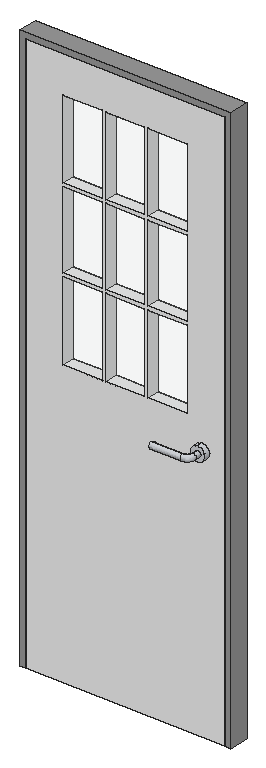
Revit family "- Acero Sinfonia 9 Luces Prueba", category Doors, host Wall, Revit 2018
Family settings
  Host = Wall
  OmniClass Number = 23.30.10.00
  OmniClass Title = Doors
  Always vertical = Yes
  Cut with Voids When Loaded = No
  Shared = No
  Room Calculation Point = No
Parameters (values of type "- 70 x 200 cm")
  Set de Marcos = ""
  Relleno = ""
  Material Marco = - Perfil Aluminio
  Material Hoja = - Acero
  Manilla = - Manilla
  Hojas = "Simple de Abatir"
  Function = Interior
  Frame Projection Ext. = 2.50 cm
  Frame Projection Int. = 2.50 cm
  Frame Width = 7.50 cm
  Height = 200.00 cm
  Wall Closure = By host
  Width = 74.00 cm
  Distancia a Cara Interior = 6.00 cm
  Bisagras = ""
  Ancho Hoja = Width - 4.00 cm  # 70.00 cm
  Ancho = Width  # 74.00 cm
  Analytic Construction = "<None>"
  Alto = Height  # 200.00 cm
Types (12, lengths in cm): name | Height | Width | Ancho Hoja | Ancho | Alto
  - 70 x 200 cm | 200.00 | 74.00 | 70.00 | 74.00 | 200.00
  - 75 x 200 cm | 200.00 | 79.00 | 75.00 | 79.00 | 200.00
  - 80 x 200 cm | 200.00 | 84.00 | 80.00 | 84.00 | 200.00
  - 85 x 200 cm | 200.00 | 89.00 | 85.00 | 89.00 | 200.00
  - 90 x 200 cm | 200.00 | 94.00 | 90.00 | 94.00 | 200.00
  -100 x 200 cm | 200.00 | 104.00 | 100.00 | 104.00 | 200.00
  - 70 x 210 cm | 210.00 | 74.00 | 70.00 | 74.00 | 210.00
  - 75 x 210 cm | 210.00 | 79.00 | 75.00 | 79.00 | 210.00
  - 80 x 210 cm | 210.00 | 84.00 | 80.00 | 84.00 | 210.00
  - 85 x 210 cm | 210.00 | 89.00 | 85.00 | 89.00 | 210.00
  - 90 x 210 cm | 210.00 | 94.00 | 90.00 | 94.00 | 210.00
  - 100 x 210 cm | 210.00 | 104.00 | 100.00 | 104.00 | 210.00
Reference planes (cm)
  plane 1: y = 0
  plane 2 "Center (Left/Right)": x = 0
  plane 3 "Left": x = -37
  plane 4 "Right": x = 37
  plane 5: z = 200
  plane 6 "Exterior": y = 7.5
  plane 7 "Interior": y = -7.5
  plane 8: y = -1.5
  plane 9: z = 198
  plane 10: x = -35
  plane 11: x = 35
  plane 12: z = 185
  plane 13: z = 100
  plane 14: x = 22
  plane 15: x = -22
  plane 16: z = 156.6667
  plane 17: z = 128.3333
  plane 18: x = 7.3333
  plane 19: x = -7.3333
Forms (cm)
  Sweep 1, solid, material "- Perfil Aluminio" <- "Material Marco"
    path origin (0, 7.5, 0) x (1, 0, 0) y (0, 0, 1)
      loop
        line (37, 0) -> (37, 200) -> (-37, 200) -> (-37, 0)
    profile origin (37, 7.5, 100) x (-1, 0, 0) y (0, -1, 0)
      loop
        line (0, 2) -> (3, 2) -> (3, 4.3) -> (2, 4.3) -> (2, 9) -> (0, 9) -> (0, 2)
  Extrusion 2, solid, material "- Acero" <- "Material Hoja"
    sketch origin (0, 0, 0) x (1, 0, 0) y (0, 1, 0)
      loop
        line (-35, -1.5) -> (35, -1.5) -> (35, 3) -> (-35, 3) -> (-35, -1.5)
    from 0 to 198
  Sweep 3, solid, material "- Manilla" <- "Manilla", not visible
    path origin (5.8483, -7.5601, 0) x (1, 0, 0) y (0, 1, 0)
      loop
        line (22.1517, 15.0613) -> (32.1517, 15.0613)
        arc (32.1517, 15.0613) -> (33.5659, 14.4756) -> (34.1517, 13.0613) r 2
        line (34.1517, 13.0613) -> (34.1517, 11.0613)
    profile origin (33, 7.5012, 0) x (0, 1, 0) y (0, 0, 1)
      loop
        circle (0, 90) r 1
  Extrusion 4, solid, material "- Manilla" <- "Manilla", not visible
    sketch origin (0, 7.5, 0) x (1, 0, 0) y (0, 0, 1)
      loop
        circle (40, 90) r 2.5
    from 3.9988 to 5
  Extrusion 5, void
    sketch origin (0, 7.5, 0) x (1, 0, 0) y (0, 0, 1)
      loop
        line (22, 185) -> (7.8333, 185) -> (7.8333, 157.1667) -> (22, 157.1667) -> (22, 185)
      loop
        line (6.8333, 185) -> (-6.8333, 185) -> (-6.8333, 157.1667) -> (6.8333, 157.1667) -> (6.8333, 185)
      loop
        line (-7.8333, 185) -> (-22, 185) -> (-22, 157.1667) -> (-7.8333, 157.1667) -> (-7.8333, 185)
      loop
        line (22, 156.1667) -> (7.8333, 156.1667) -> (7.8333, 128.8333) -> (22, 128.8333) -> (22, 156.1667)
      loop
        line (6.8333, 156.1667) -> (-6.8333, 156.1667) -> (-6.8333, 128.8333) -> (6.8333, 128.8333) -> (6.8333, 156.1667)
      loop
        line (-7.8333, 156.1667) -> (-22, 156.1667) -> (-22, 128.8333) -> (-7.8333, 128.8333) -> (-7.8333, 156.1667)
      loop
        line (22, 127.8333) -> (7.8333, 127.8333) -> (7.8333, 100) -> (22, 100) -> (22, 127.8333)
      loop
        line (6.8333, 127.8333) -> (-6.8333, 127.8333) -> (-6.8333, 100) -> (6.8333, 100) -> (6.8333, 127.8333)
      loop
        line (-7.8333, 127.8333) -> (-22, 127.8333) -> (-22, 100) -> (-7.8333, 100) -> (-7.8333, 127.8333)
    from 0 to 25
  Extrusion 6, solid, material "Glass"
    sketch origin (0, 7.5, 0) x (1, 0, 0) y (0, 0, 1)
      loop
        line (22, 157.1667) -> (22, 185) -> (7.8333, 185) -> (7.8333, 157.1667) -> (22, 157.1667)
      loop
        line (6.8333, 157.1667) -> (6.8333, 185) -> (-6.8333, 185) -> (-6.8333, 157.1667) -> (6.8333, 157.1667)
      loop
        line (-7.8333, 157.1667) -> (-7.8333, 185) -> (-22, 185) -> (-22, 157.1667) -> (-7.8333, 157.1667)
      loop
        line (22, 128.8333) -> (22, 156.1667) -> (7.8333, 156.1667) -> (7.8333, 128.8333) -> (22, 128.8333)
      loop
        line (6.8333, 128.8333) -> (6.8333, 156.1667) -> (-6.8333, 156.1667) -> (-6.8333, 128.8333) -> (6.8333, 128.8333)
      loop
        line (-7.8333, 128.8333) -> (-7.8333, 156.1667) -> (-22, 156.1667) -> (-22, 128.8333) -> (-7.8333, 128.8333)
      loop
        line (22, 100) -> (22, 127.8333) -> (7.8333, 127.8333) -> (7.8333, 100) -> (22, 100)
      loop
        line (6.8333, 100) -> (6.8333, 127.8333) -> (-6.8333, 127.8333) -> (-6.8333, 100) -> (6.8333, 100)
      loop
        line (-7.8333, 100) -> (-7.8333, 127.8333) -> (-22, 127.8333) -> (-22, 100) -> (-7.8333, 100)
    from 4.5 to 9
Cuts and joins
  Extrusion 5 cuts Extrusion 2
Lines and regions (cm)
  Opening 1
    outline origin (-305, -7.5, 0) x (1, 0, 0) y (0, 0, 1)
      loop
        line (268, 0) -> (342, 0) -> (342, 200) -> (268, 200) -> (268, 0)
  symbolic lines, style "Elevation Swing"
    curve 1: line (37, -7.5, 100) -> (-37, -7.5, 200)
    curve 2: line (37, -7.5, 100) -> (-37, -7.5, 0)
    curve 7: arc (-30.5, -71.5, 0) -> (16.4246, -49.6941, 0) -> (35.2596, -1.5001, 0) r 69.4706
  symbolic lines
    curve 3: line (-35, -1.5, 0) -> (-35, -71.5, 0)
    curve 4: line (-30.5, -1.5, 0) -> (-35, -1.5, 0)
    curve 5: line (-30.5, -71.5, 0) -> (-30.5, -1.5, 0)
    curve 6: line (-35, -71.5, 0) -> (-30.5, -71.5, 0)
  model lines, not visible
    curve 8: line (-20, 3, 25) -> (20, 3, 25)
    curve 9: line (-20, 3, 65) -> (-20, 3, 25)
    curve 10: line (20, 3, 65) -> (8.6603, 3, 65)
    curve 11: line (20, 3, 25) -> (20, 3, 65)
    curve 12: line (-20, 3, 75) -> (-8.6603, 3, 75)
    curve 13: line (-20, 3, 75) -> (-20, 3, 169.9666)
    curve 14: line (20, 3, 75) -> (20, 3, 169.9666)
    curve 15: arc (-8.6603, 3, 65) -> (0, 3, 60) -> (8.6603, 3, 65) r 10
    curve 16: line (8.6603, 3, 75) -> (20, 3, 75)
    curve 17: line (-8.6603, 3, 65) -> (-20, 3, 65)
    curve 18: arc (8.6603, 3, 75) -> (0, 3, 80) -> (-8.6603, 3, 75) r 10
    curve 19: arc (14.9666, 3, 175) -> (0, 3, 183) -> (-14.9666, 3, 175) r 18
    curve 20: arc (-20, 3, 169.9666) -> (-16.4409, 3, 171.4409) -> (-14.9666, 3, 175) r 5.0334
    curve 21: arc (14.9666, 3, 175) -> (16.4409, 3, 171.4409) -> (20, 3, 169.9666) r 5.0334
    curve 22: line (-9.2195, 3, 64) -> (-19, 3, 64)
    curve 23: line (-19, 3, 64) -> (-19, 3, 26)
    curve 24: arc (9.2195, 3, 64) -> (0, 3, 59) -> (-9.2195, 3, 64) r 11
    curve 25: line (19, 3, 64) -> (9.2195, 3, 64)
    curve 26: line (19, 3, 26) -> (19, 3, 64)
    curve 27: line (-19, 3, 26) -> (19, 3, 26)
    curve 28: line (-18.9928, 3, 168.9932) -> (-18.9928, 3, 76)
    curve 29: arc (-13.9941, 3, 174.9045) -> (-15.4113, 3, 171.0338) -> (-18.9928, 3, 168.9932) r 5.9946
    curve 30: arc (13.9971, 3, 174.7848) -> (0.0327, 3, 182.1538) -> (-13.9941, 3, 174.9045) r 17.0542
    curve 31: arc (19, 3, 169.1276) -> (15.4988, 3, 171.072) -> (13.9971, 3, 174.7848) r 6.0089
    curve 32: line (19, 3, 76) -> (19, 3, 169.1276)
    curve 33: line (9.2195, 3, 76) -> (19, 3, 76)
    curve 34: arc (-9.2195, 3, 76) -> (0, 3, 81) -> (9.2195, 3, 76) r 11
    curve 35: line (-18.9928, 3, 76) -> (-9.2195, 3, 76)
    curve 36: arc (12.052, 3, 174.0667) -> (0.0498, 3, 180.1537) -> (-12.0243, 3, 174.2107) r 15.0542
    curve 37: arc (-12.0243, 3, 174.2107) -> (-13.561, 3, 170.1508) -> (-16.9928, 3, 167.4925) r 7.9946
    curve 38: line (-16.9928, 3, 167.4925) -> (-16.9928, 3, 78)
    curve 39: line (17, 3, 78) -> (17, 3, 167.6269)
    curve 40: arc (17, 3, 167.6269) -> (13.6492, 3, 170.1731) -> (12.052, 3, 174.0667) r 8.0089
    curve 41: line (-16.9928, 3, 78) -> (-10.247, 3, 78)
    curve 42: arc (-10.247, 3, 78) -> (0, 3, 83) -> (10.247, 3, 78) r 13
    curve 43: line (10.247, 3, 78) -> (17, 3, 78)
    curve 44: line (-10.247, 3, 62) -> (-17, 3, 62)
    curve 45: arc (10.247, 3, 62) -> (0, 3, 57) -> (-10.247, 3, 62) r 13
    curve 46: line (17, 3, 62) -> (10.247, 3, 62)
    curve 47: line (17, 3, 28) -> (17, 3, 62)
    curve 48: line (-17, 3, 28) -> (17, 3, 28)
    curve 49: line (-17, 3, 62) -> (-17, 3, 28)
    curve 50: line (-314, -1.5, 25) -> (-274, -1.5, 25)
    curve 51: line (-314, -1.5, 65) -> (-314, -1.5, 25)
    curve 52: line (-274, -1.5, 25) -> (-274, -1.5, 65)
    curve 53: line (-314, -1.5, 70) -> (-274, -1.5, 70)
    curve 54: line (-314, -1.5, 70) -> (-314, -1.5, 87)
    curve 55: line (-274, -1.5, 70) -> (-274, -1.5, 87)
    curve 56: line (-274, -1.5, 65) -> (-314, -1.5, 65)
    curve 57: line (-275, -1.5, 64) -> (-313, -1.5, 64)
    curve 58: line (-313, -1.5, 64) -> (-313, -1.5, 26)
    curve 59: line (-275, -1.5, 26) -> (-275, -1.5, 64)
    curve 60: line (-313, -1.5, 26) -> (-275, -1.5, 26)
    curve 61: line (-312.9928, -1.5, 86) -> (-312.9928, -1.5, 71)
    curve 62: line (-275, -1.5, 71) -> (-275, -1.5, 86)
    curve 63: line (-312.9928, -1.5, 71) -> (-275, -1.5, 71)
    curve 64: line (-310.9928, -1.5, 84) -> (-310.9928, -1.5, 73)
    curve 65: line (-277, -1.5, 73) -> (-277, -1.5, 84)
    curve 66: line (-310.9928, -1.5, 73) -> (-277, -1.5, 73)
    curve 67: line (-277, -1.5, 62) -> (-311, -1.5, 62)
    curve 68: line (-277, -1.5, 28) -> (-277, -1.5, 62)
    curve 69: line (-311, -1.5, 28) -> (-277, -1.5, 28)
    curve 70: line (-311, -1.5, 62) -> (-311, -1.5, 28)
    curve 71: line (-310.9928, -1.5, 84) -> (-277, -1.5, 84)
    curve 72: line (-314, -1.5, 87) -> (-274, -1.5, 87)
    curve 73: line (-312.9928, -1.5, 86) -> (-275, -1.5, 86)
    curve 74: line (-310.9928, -1.5, 84) -> (-277, -1.5, 84)
    curve 75: line (-314, -1.5, 97) -> (-274, -1.5, 97)
    curve 76: line (-314, -1.5, 185) -> (-314, -1.5, 97)
    curve 77: line (-274, -1.5, 97) -> (-274, -1.5, 185)
    curve 78: line (-274, -1.5, 185) -> (-314, -1.5, 185)
    curve 79: line (-275, -1.5, 184) -> (-313, -1.5, 184)
    curve 80: line (-313, -1.5, 184) -> (-313, -1.5, 98)
    curve 81: line (-275, -1.5, 98) -> (-275, -1.5, 184)
    curve 82: line (-313, -1.5, 98) -> (-275, -1.5, 98)
    curve 83: line (-277, -1.5, 182) -> (-311, -1.5, 182)
    curve 84: line (-277, -1.5, 100) -> (-277, -1.5, 182)
    curve 85: line (-311, -1.5, 100) -> (-277, -1.5, 100)
    curve 86: line (-311, -1.5, 182) -> (-311, -1.5, 100)
    curve 87: line (-320, 3, 25) -> (-280, 3, 25)
    curve 88: line (-320, 3, 65) -> (-320, 3, 25)
    curve 89: line (-280, 3, 25) -> (-280, 3, 65)
    curve 90: line (-320, 3, 72.5) -> (-280, 3, 72.5)
    curve 91: line (-280, 3, 65) -> (-320, 3, 65)
    curve 92: line (-281, 3, 64) -> (-319, 3, 64)
    curve 93: line (-319, 3, 64) -> (-319, 3, 26)
    curve 94: line (-281, 3, 26) -> (-281, 3, 64)
    curve 95: line (-319, 3, 26) -> (-281, 3, 26)
    curve 96: line (-319, 3, 73.5) -> (-281, 3, 73.5)
    curve 97: line (-317, 3, 75.5) -> (-283, 3, 75.5)
    curve 98: line (-283, 3, 62) -> (-317, 3, 62)
    curve 99: line (-283, 3, 28) -> (-283, 3, 62)
    curve 100: line (-317, 3, 28) -> (-283, 3, 28)
    curve 101: line (-317, 3, 62) -> (-317, 3, 28)
    curve 102: line (-320, 3, 179.3431) -> (-320, 3, 72.5)
    curve 103: line (-280, 3, 72.5) -> (-280, 3, 179.3431)
    curve 104: line (-319, 3, 178.3431) -> (-319, 3, 73.5)
    curve 105: line (-281, 3, 73.5) -> (-281, 3, 178.3431)
    curve 106: line (-283, 3, 75.5) -> (-283, 3, 176.3431)
    curve 107: line (-317, 3, 176.3431) -> (-317, 3, 75.5)
    curve 108: arc (-292, 3, 181) -> (-300, 3, 185) -> (-308, 3, 181) r 10
    curve 109: arc (-292, 3, 181) -> (-290.1648, 3, 179.7737) -> (-288, 3, 179.3431) r 5.6569
    curve 110: arc (-308, 3, 181) -> (-309.8352, 3, 179.7737) -> (-312, 3, 179.3431) r 5.6569
    curve 111: line (-288, 3, 179.3431) -> (-280, 3, 179.3431)
    curve 112: line (-312, 3, 179.3431) -> (-320, 3, 179.3431)
    curve 113: line (-281, 3, 178.3431) -> (-288, 3, 178.3431)
    curve 114: arc (-288, 3, 178.3431) -> (-290.5825, 3, 178.8645) -> (-292.7604, 3, 180.3468) r 6.6569
    curve 115: arc (-292.7604, 3, 180.3468) -> (-300, 3, 184) -> (-307.2396, 3, 180.3468) r 9
    curve 116: arc (-307.2396, 3, 180.3468) -> (-309.4175, 3, 178.8645) -> (-312, 3, 178.3431) r 6.6569
    curve 117: line (-312, 3, 178.3431) -> (-319, 3, 178.3431)
    curve 118: line (-283, 3, 176.3431) -> (-288, 3, 176.3431)
    curve 119: arc (-288, 3, 176.3431) -> (-291.43, 3, 177.0516) -> (-294.2985, 3, 179.0611) r 8.6569
    curve 120: arc (-294.2985, 3, 179.0611) -> (-300, 3, 182) -> (-305.7015, 3, 179.0611) r 7
    curve 121: arc (-305.7015, 3, 179.0611) -> (-308.57, 3, 177.0516) -> (-312, 3, 176.3431) r 8.6569
    curve 122: line (-312, 3, 176.3431) -> (-317, 3, 176.3431)
    curve 123: line (302, -1.5, 25) -> (342, -1.5, 25)
    curve 124: line (302, -1.5, 65) -> (302, -1.5, 25)
    curve 125: line (342, -1.5, 25) -> (342, -1.5, 65)
    curve 126: line (302, -1.5, 77.5) -> (342, -1.5, 77.5)
    curve 127: line (342, -1.5, 65) -> (302, -1.5, 65)
    curve 128: line (341, -1.5, 64) -> (303, -1.5, 64)
    curve 129: line (303, -1.5, 64) -> (303, -1.5, 26)
    curve 130: line (341, -1.5, 26) -> (341, -1.5, 64)
    curve 131: line (303, -1.5, 26) -> (341, -1.5, 26)
    curve 132: line (303, -1.5, 78.5) -> (341, -1.5, 78.5)
    curve 133: line (304.9998, -1.5, 80.5) -> (339.0011, -1.5, 80.5)
    curve 134: line (339, -1.5, 62) -> (305, -1.5, 62)
    curve 135: line (339, -1.5, 28) -> (339, -1.5, 62)
    curve 136: line (305, -1.5, 28) -> (339, -1.5, 28)
    curve 137: line (305, -1.5, 62) -> (305, -1.5, 28)
    curve 138: line (302, -1.5, 185) -> (302, -1.5, 77.5)
    curve 139: line (342, -1.5, 77.5) -> (342, -1.5, 185)
    curve 140: line (303, -1.5, 184) -> (303, -1.5, 78.5)
    curve 141: line (341, -1.5, 78.5) -> (341, -1.5, 184)
    curve 142: line (339.0011, -1.5, 80.5) -> (339.0011, -1.5, 182)
    curve 143: line (304.9998, -1.5, 182) -> (304.9998, -1.5, 80.5)
    curve 144: line (306, 3, 25) -> (346, 3, 25)
    curve 145: line (306, 3, 65) -> (306, 3, 25)
    curve 146: line (346, 3, 25) -> (346, 3, 65)
    curve 147: line (306, 3, 77.5) -> (346, 3, 77.5)
    curve 148: line (346, 3, 65) -> (306, 3, 65)
    curve 149: line (345, 3, 64) -> (307, 3, 64)
    curve 150: line (307, 3, 64) -> (307, 3, 26)
    curve 151: line (345, 3, 26) -> (345, 3, 64)
    curve 152: line (307, 3, 26) -> (345, 3, 26)
    curve 153: line (307, 3, 78.5) -> (345, 3, 78.5)
    curve 154: line (308.9998, 3, 80.5) -> (343.0011, 3, 80.5)
    curve 155: line (343, 3, 62) -> (309, 3, 62)
    curve 156: line (343, 3, 28) -> (343, 3, 62)
    curve 157: line (309, 3, 28) -> (343, 3, 28)
    curve 158: line (309, 3, 62) -> (309, 3, 28)
    curve 159: line (306, 3, 185) -> (306, 3, 77.5)
    curve 160: line (346, 3, 77.5) -> (346, 3, 185)
    curve 161: line (307, 3, 184) -> (307, 3, 78.5)
    curve 162: line (345, 3, 78.5) -> (345, 3, 184)
    curve 163: line (343.0011, 3, 80.5) -> (343.0011, 3, 182)
    curve 164: line (308.9998, 3, 182) -> (308.9998, 3, 80.5)
    curve 165: line (346, 3, 185) -> (306, 3, 185)
    curve 166: line (345, 3, 184) -> (307, 3, 184)
    curve 167: line (343.0011, 3, 182) -> (308.9998, 3, 182)
    curve 168: line (302, -1.5, 185) -> (342, -1.5, 185)
    curve 169: line (341, -1.5, 184) -> (303, -1.5, 184)
    curve 170: line (339.0011, -1.5, 182) -> (304.9998, -1.5, 182)
  model lines
    curve 171: line (22, 3, 75) -> (7.3333, 3, 75)
    curve 172: line (22, 3, 15) -> (22, 3, 75)
    curve 173: line (7.3333, 3, 15) -> (22, 3, 15)
    curve 174: line (7.3333, 3, 75) -> (7.3333, 3, 15)
    curve 175: line (-7.3333, 3, 75) -> (-22, 3, 75)
    curve 176: line (-7.3333, 3, 15) -> (-7.3333, 3, 75)
    curve 177: line (-22, 3, 15) -> (-7.3333, 3, 15)
    curve 178: line (-22, 3, 75) -> (-22, 3, 15)
    curve 179: line (-22, -1.5, 75) -> (-7.3333, -1.5, 75)
    curve 180: line (-22, -1.5, 15) -> (-22, -1.5, 75)
    curve 181: line (-7.3333, -1.5, 15) -> (-22, -1.5, 15)
    curve 182: line (-7.3333, -1.5, 75) -> (-7.3333, -1.5, 15)
    curve 183: line (7.3333, -1.5, 75) -> (22, -1.5, 75)
    curve 184: line (7.3333, -1.5, 15) -> (7.3333, -1.5, 75)
    curve 185: line (22, -1.5, 15) -> (7.3333, -1.5, 15)
    curve 186: line (22, -1.5, 75) -> (22, -1.5, 15)
Text (cm)
  text "Exterior" at (-229.5016, 109.9543, 0), in view "Ref. Level"
  text "Exterior" at (0, 161.538, 369.8081), in view "Left"
  text "Exterior" at (0, 103.6032, 387.4932), in view "Right"
Dimensions and locks (cm)
  equal spacing: plane 3 "Left", plane 2 "Center (Left/Right)", plane 4 "Right"
  "Width": plane 3 "Left" to plane 4 "Right"
  "Height": plane 5 to host wall
  equal spacing: host wall, curve 2, plane 5
  host wall to plane 5 = 200.00 cm
  locked: plane 6 "Exterior" to host wall at 0
  locked: plane 7 "Interior" to host wall
  "Distancia a Cara Interior": plane 7 "Interior" to plane 8
  locked: Sweep 1 sketch curve to Sweep 1 sketch curve at 7
  locked: plane 9 to plane 5 at 2
  locked: curve 3 to curve 5 at 4.5
  locked: plane 3 "Left" to plane 10 at 2
  locked: plane 11 to plane 4 "Right" at 2
  "Ancho Hoja": curve 6 to curve 4
  locked: Extrusion 2 sketch curve to Extrusion 2 sketch curve at 4.5
  locked: nested 1 to plane 4 "Right" at 10
  level to nested 1 = 90.00 cm
  locked: nested 2 to plane 4 "Right" at 10
  locked: nested 2 to level at 90
  locked: Sweep 1 sketch curve to Sweep 1 sketch curve at 2.3
  locked: cut or joined group of Extrusion 2, Extrusion 5 to curve 177 at 15
  locked: cut or joined group of Extrusion 2, Extrusion 5 to curve 173 at 15
  locked: cut or joined group of Extrusion 2, Extrusion 5 to curve 175 at 75
  locked: cut or joined group of Extrusion 2, Extrusion 5 to curve 171 at 75
  locked: curve 181 to cut or joined group of Extrusion 2, Extrusion 5 at 15
  locked: curve 185 to level at 15
  locked: curve 183 to level at 75
  locked: curve 179 to cut or joined group of Extrusion 2, Extrusion 5 at 75
  locked: plane 12 to plane 5 at 15
  locked: level to plane 13 at 100
  locked: plane 14 to plane 4 "Right" at 15
  locked: plane 3 "Left" to plane 15 at 15
  equal spacing: plane 13, plane 17, plane 16, plane 12
  equal spacing: plane 15, plane 19, plane 18, plane 14
  locked: Extrusion 5 sketch curve to plane 18 at 0.5  (x2)
  locked: plane 19 to Extrusion 5 sketch curve at 0.5
  locked: Extrusion 5 sketch curve to plane 19 at 0.5
  locked: plane 16 to Extrusion 5 sketch curve at 0.5  (x3)
  locked: Extrusion 5 sketch curve to plane 16 at 0.5  (x3)
  locked: plane 17 to Extrusion 5 sketch curve at 0.5
  Extrusion 5 sketch curve to plane 17 = 0.50 cm
  aligned and locked: plane 3 "Left" to Opening 1 sketch curve
  aligned and locked: plane 5 to Opening 1 sketch curve  (x2)
  aligned and locked: Opening 1 sketch curve to plane 4 "Right"
  aligned and locked: Opening 1 sketch curve to level
  aligned and locked: plane 5 to curve 1
  aligned and locked: plane 3 "Left" to curve 2
  aligned and locked: plane 1 to host wall
  aligned and locked: plane 3 "Left" to curve 1
  aligned and locked: plane 8 to Sweep 1 sketch curve
  aligned and locked: Extrusion 2 sketch curve to plane 8
  aligned and locked: Sweep 1 to level
  aligned and locked: plane 10 to curve 3
  aligned and locked: Sweep 3 to Extrusion 4
  aligned and locked: Extrusion 2 to plane 9
  aligned and locked: plane 14 to Extrusion 5 sketch curve  (x3)
  aligned and locked: Extrusion 5 sketch curve to plane 12  (x3)
  aligned and locked: Extrusion 5 sketch curve to plane 15  (x3)
  aligned and locked: plane 13 to Extrusion 5 sketch curve  (x3)
  aligned and locked: Extrusion 5 sketch curve to Extrusion 5 sketch curve  (x12)
  aligned and locked: curve 172 to plane 14
  aligned and locked: plane 18 to curve 174
  aligned and locked: curve 176 to plane 19
  aligned and locked: plane 15 to curve 178
  aligned and locked: curve 180 to plane 15
  aligned and locked: plane 19 to curve 182
  aligned and locked: curve 184 to plane 18
  aligned and locked: plane 14 to curve 186
  aligned and locked: Extrusion 6 sketch curve to cut or joined group of Extrusion 2, Extrusion 5  (x36)
  aligned and locked: cut or joined group of Extrusion 2, Extrusion 5 to Extrusion 6
  aligned and locked: Extrusion 6 to plane 8
Automatic sketch dimensions
  plane 4 "Right" to curve 2 = 0.00 cm
  curve 2 to level = 0.00 cm
  plane 3 "Left" to Sweep 1 sketch curve = 0.00 cm
  plane 4 "Right" to Sweep 1 sketch curve = 0.00 cm
  Sweep 1 sketch curve to level = 0.00 cm  (x2)
  Sweep 1 sketch curve to plane 5 = 0.00 cm
  Sweep 1 sketch curve to profile plane = 0.00 cm
  Sweep 1 sketch curve to profile plane = 2.00 cm
  Sweep 1 sketch curve to Sweep 1 sketch curve = 1.00 cm
  curve 7 to plane 8 = 0.0001 cm
  curve 7 to plane 11 = 0.2596 cm
  curve 4 to plane 8 = 0.00 cm
  curve 7 to plane 10 = 0.7919 cm
  Sweep 3 sketch curve to Sweep 3 sketch curve = 10.00 cm
  Sweep 3 sketch curve to Sweep 3 sketch curve = 2.00 cm  (x2)
  Sweep 3 sketch curve to profile plane = 0.00 cm
  profile plane to Sweep 3 sketch curve = 90.00 cm
  Extrusion 2 sketch curve to plane 10 = 0.00 cm
  Extrusion 2 sketch curve to plane 11 = 0.00 cm
  curve 15 to curve 18 = 0.00 cm  (x4)
  curve 15 to curve 24 = 0.00 cm  (x4)
  curve 15 to curve 34 = 0.00 cm  (x4)
  curve 15 to curve 42 = 0.00 cm  (x4)
  curve 15 to curve 45 = 0.00 cm  (x4)
  curve 29 to curve 37 = 0.00 cm  (x4)
  curve 30 to curve 36 = 0.00 cm  (x4)
  curve 31 to curve 40 = 0.00 cm  (x4)
  curve 8 to curve 31 = 0.00 cm
  curve 21 to curve 31 = 0.00 cm
  curve 14 to curve 32 = 1.00 cm
  curve 10 to curve 26 = 1.00 cm
  curve 26 to curve 47 = 2.00 cm
  curve 32 to curve 39 = 2.00 cm
  curve 46 to curve 46 = 6.753 cm
  curve 39 to curve 43 = 6.753 cm
  curve 42 to curve 33 = 1.0274 cm
  curve 45 to curve 25 = 1.0274 cm
  curve 33 to curve 16 = 0.5593 cm
  curve 24 to curve 10 = 0.5593 cm
  curve 16 to curve 24 = 8.6603 cm
  curve 39 to curve 19 = 17.00 cm
  curve 19 to curve 36 = 0.0402 cm
  curve 15 to curve 12 = 8.6603 cm
  curve 15 to curve 17 = 8.6603 cm
  curve 15 to curve 22 = 0.5593 cm
  curve 12 to curve 35 = 0.5593 cm
  curve 22 to curve 44 = 1.0274 cm
  curve 34 to curve 41 = 1.0274 cm
  curve 41 to curve 38 = 6.7459 cm
  curve 47 to curve 48 = 34.00 cm
  curve 38 to curve 35 = 2.00 cm
  curve 44 to curve 22 = 2.00 cm
  curve 28 to curve 29 = 0.9959 cm
  curve 29 to curve 20 = 0.0113 cm
  curve 22 to curve 17 = 1.00 cm
  curve 8 to curve 26 = 1.00 cm
  curve 23 to curve 49 = 2.00 cm
  curve 48 to curve 49 = 34.00 cm
  curve 45 to curve 25 = 2.00 cm
  curve 25 to curve 10 = 1.00 cm
  curve 10 to curve 45 = 5.00 cm
  curve 10 to curve 16 = 10.00 cm
  curve 12 to curve 35 = 1.00 cm
  curve 34 to curve 41 = 2.00 cm
  curve 41 to curve 19 = 87.00 cm
  curve 19 to curve 30 = 0.0997 cm
  curve 36 to curve 38 = 2.3928 cm
  curve 19 to curve 39 = 2.6269 cm
  curve 37 to curve 28 = 1.5007 cm
  curve 39 to curve 32 = 1.5007 cm
  curve 28 to curve 13 = 0.9734 cm
  curve 31 to curve 14 = 0.839 cm
  curve 13 to curve 29 = 4.9378 cm
  curve 29 to curve 20 = 0.0955 cm
  curve 21 to curve 40 = 0.0527 cm
  curve 31 to curve 36 = 1.9451 cm
  curve 55 to curve 62 = 1.4142 cm
  curve 59 to curve 68 = 2.8284 cm
  curve 62 to curve 65 = 2.8284 cm
  curve 53 to curve 63 = 1.4142 cm
  curve 57 to curve 67 = 2.8284 cm
  curve 66 to curve 64 = 33.9928 cm
  curve 68 to curve 69 = 34.00 cm
  curve 64 to curve 63 = 2.8284 cm
  curve 67 to curve 57 = 2.8284 cm
  curve 57 to curve 56 = 1.4142 cm
  curve 50 to curve 59 = 1.4142 cm
  curve 58 to curve 70 = 2.8284 cm
  curve 69 to curve 70 = 34.00 cm  (x2)
  curve 53 to curve 63 = 1.4193 cm
  curve 65 to curve 62 = 2.8284 cm
  curve 61 to curve 54 = 1.4193 cm
  curve 18 to curve 24 = 0.00 cm  (x2)
  curve 18 to curve 34 = 0.00 cm  (x2)
  curve 18 to curve 42 = 0.00 cm  (x2)
  curve 18 to curve 45 = 0.00 cm  (x2)
  curve 24 to curve 34 = 0.00 cm  (x2)
  curve 24 to curve 42 = 0.00 cm  (x2)
  curve 24 to curve 45 = 0.00 cm  (x2)
  curve 34 to curve 42 = 0.00 cm  (x2)
  curve 34 to curve 45 = 0.00 cm  (x2)
  curve 42 to curve 45 = 0.00 cm  (x2)
  curve 72 to curve 51 = 0.00 cm
  curve 75 to curve 54 = 0.00 cm
  curve 76 to curve 79 = 1.00 cm
  curve 51 to curve 57 = 1.00 cm
  curve 53 to curve 63 = 1.0072 cm
  curve 79 to curve 86 = 2.00 cm
  curve 58 to curve 70 = 2.00 cm
  curve 61 to curve 66 = 2.00 cm
  curve 64 to curve 65 = 33.9928 cm
  curve 69 to curve 69 = 34.00 cm
  curve 85 to curve 65 = 0.00 cm
  curve 68 to curve 60 = 2.00 cm
  curve 65 to curve 63 = 2.00 cm
  curve 84 to curve 82 = 2.00 cm
  curve 62 to curve 55 = 1.00 cm
  curve 57 to curve 56 = 1.00 cm  (x2)
  curve 79 to curve 78 = 1.00 cm  (x2)
  curve 50 to curve 59 = 1.00 cm
  curve 59 to curve 68 = 2.00 cm
  curve 67 to curve 57 = 2.00 cm
  curve 52 to curve 53 = 5.00 cm
  curve 53 to curve 63 = 1.00 cm
  curve 62 to curve 66 = 2.00 cm
  curve 65 to curve 71 = 11.00 cm
  curve 65 to curve 62 = 2.00 cm
  curve 62 to curve 72 = 1.00 cm
  curve 55 to curve 75 = 10.00 cm
  curve 75 to curve 82 = 1.00 cm
  curve 81 to curve 84 = 2.00 cm
  curve 84 to curve 84 = 82.00 cm
  curve 83 to curve 79 = 2.00 cm
  curve 87 to curve 90 = 0.00 cm
  curve 103 to curve 105 = 1.00 cm
  curve 89 to curve 92 = 1.00 cm
  curve 105 to curve 106 = 2.00 cm
  curve 92 to curve 99 = 2.00 cm
  curve 98 to curve 98 = 34.00 cm
  curve 106 to curve 107 = 34.00 cm
  curve 97 to curve 96 = 2.00 cm
  curve 98 to curve 92 = 2.00 cm
  curve 96 to curve 102 = 1.00 cm
  curve 92 to curve 91 = 1.00 cm
  curve 87 to curve 94 = 1.00 cm
  curve 94 to curve 99 = 2.00 cm
  curve 100 to curve 101 = 34.00 cm
  curve 98 to curve 93 = 2.00 cm
  curve 92 to curve 89 = 1.00 cm
  curve 89 to curve 103 = 7.50 cm
  curve 90 to curve 105 = 1.00 cm
  curve 96 to curve 106 = 2.00 cm
  curve 97 to curve 107 = 100.8431 cm
  curve 106 to curve 107 = 0.00 cm
  curve 106 to curve 105 = 2.00 cm
  curve 105 to curve 103 = 1.00 cm
  curve 123 to curve 126 = 52.50 cm
  curve 139 to curve 141 = 1.4142 cm
  curve 125 to curve 128 = 1.4142 cm
  curve 141 to curve 142 = 2.8276 cm
  curve 128 to curve 135 = 2.8284 cm
  curve 134 to curve 134 = 34.00 cm
  curve 142 to curve 143 = 34.0013 cm  (x2)
  curve 133 to curve 132 = 2.8283 cm
  curve 134 to curve 128 = 2.8284 cm
  curve 132 to curve 138 = 1.4142 cm
  curve 128 to curve 127 = 1.4142 cm
  curve 123 to curve 130 = 1.4142 cm
  curve 130 to curve 135 = 2.8284 cm
  curve 136 to curve 137 = 34.00 cm  (x2)
  curve 134 to curve 129 = 2.8284 cm
  curve 128 to curve 125 = 1.4142 cm
  curve 125 to curve 139 = 12.50 cm
  curve 126 to curve 141 = 1.4142 cm
  curve 132 to curve 142 = 2.8276 cm
  curve 133 to curve 143 = 101.50 cm
  curve 142 to curve 141 = 2.8276 cm
  curve 143 to curve 140 = 2.8283 cm
  curve 141 to curve 139 = 1.4142 cm
  curve 140 to curve 138 = 1.4142 cm
  curve 108 to curve 115 = 0.00 cm  (x4)
  curve 108 to curve 120 = 0.00 cm  (x4)
  curve 109 to curve 114 = 0.00 cm  (x3)
  curve 109 to curve 119 = 0.00 cm  (x4)
  curve 110 to curve 116 = 0.00 cm  (x3)
  curve 110 to curve 121 = 0.00 cm  (x3)
  curve 114 to curve 119 = 0.00 cm  (x3)
  curve 116 to curve 121 = 0.00 cm  (x4)
  curve 106 to curve 111 = 5.00 cm
  curve 118 to curve 115 = 12.00 cm
  curve 110 to curve 104 = 7.00 cm
  curve 115 to curve 106 = 1.3431 cm
  curve 122 to curve 117 = 2.00 cm
  curve 117 to curve 112 = 1.00 cm
  curve 110 to curve 121 = 5.6569 cm
  curve 111 to curve 109 = 5.6569 cm
  curve 109 to curve 109 = 4.00 cm
  curve 108 to curve 115 = 0.7604 cm
  curve 115 to curve 119 = 1.5381 cm
  curve 115 to curve 120 = 0.00 cm  (x2)
  curve 144 to curve 147 = 52.50 cm
  curve 160 to curve 162 = 1.4142 cm
  curve 146 to curve 149 = 1.4142 cm
  curve 162 to curve 163 = 2.8276 cm
  curve 149 to curve 156 = 2.8284 cm
  curve 155 to curve 155 = 34.00 cm  (x2)
  curve 163 to curve 164 = 34.0013 cm  (x3)
  curve 154 to curve 153 = 2.8283 cm
  curve 155 to curve 149 = 2.8284 cm
  curve 153 to curve 159 = 1.4142 cm
  curve 149 to curve 148 = 1.4142 cm
  curve 144 to curve 151 = 1.4142 cm  (x2)
  curve 151 to curve 156 = 2.8284 cm  (x2)
  curve 157 to curve 158 = 34.00 cm  (x3)
  curve 155 to curve 150 = 2.8284 cm  (x2)
  curve 149 to curve 146 = 1.4142 cm  (x2)
  curve 146 to curve 160 = 12.50 cm  (x3)
  curve 147 to curve 162 = 1.4142 cm
  curve 153 to curve 163 = 2.8276 cm
  curve 154 to curve 164 = 101.50 cm  (x2)
  curve 163 to curve 162 = 2.8276 cm  (x2)
  curve 164 to curve 161 = 2.8283 cm
  curve 162 to curve 160 = 1.4142 cm
  curve 161 to curve 159 = 1.4142 cm
  curve 159 to curve 145 = 120.00 cm
  curve 147 to curve 161 = 1.4142 cm
  curve 145 to curve 149 = 1.4142 cm
  curve 150 to curve 158 = 2.8284 cm
  curve 153 to curve 154 = 2.8283 cm
  curve 155 to curve 163 = 18.50 cm
  curve 156 to curve 152 = 2.8284 cm
  curve 153 to curve 160 = 1.4142 cm
  curve 151 to curve 144 = 1.4142 cm
  curve 147 to curve 153 = 1.4142 cm
  curve 153 to curve 164 = 2.8283 cm
  curve 144 to curve 147 = 0.00 cm
  curve 147 to curve 153 = 1.00 cm  (x2)
  curve 146 to curve 149 = 1.00 cm
  curve 162 to curve 163 = 1.9989 cm
  curve 149 to curve 156 = 2.00 cm
  curve 155 to curve 158 = 34.00 cm
  curve 164 to curve 161 = 1.9998 cm
  curve 155 to curve 149 = 2.00 cm
  curve 150 to curve 145 = 1.00 cm
  curve 153 to curve 147 = 1.00 cm
  curve 144 to curve 151 = 1.00 cm
  curve 151 to curve 156 = 2.00 cm
  curve 155 to curve 150 = 2.00 cm
  curve 149 to curve 148 = 1.00 cm
  curve 153 to curve 154 = 2.00 cm
  curve 164 to curve 161 = 2.00 cm
  curve 161 to curve 159 = 1.00 cm
  curve 168 to curve 124 = 0.00 cm
  curve 126 to curve 132 = 1.00 cm  (x2)
  curve 124 to curve 128 = 1.00 cm
  curve 132 to curve 143 = 1.9998 cm
  curve 129 to curve 137 = 2.00 cm
  curve 134 to curve 135 = 34.00 cm
  curve 134 to curve 133 = 0.0011 cm
  curve 134 to curve 130 = 2.00 cm  (x2)
  curve 133 to curve 132 = 1.9989 cm
  curve 141 to curve 139 = 1.00 cm
  curve 128 to curve 125 = 1.00 cm
  curve 123 to curve 130 = 1.00 cm
  curve 130 to curve 136 = 2.00 cm
  curve 128 to curve 127 = 1.00 cm
  curve 124 to curve 138 = 12.50 cm
  curve 132 to curve 143 = 2.00 cm
  curve 133 to curve 168 = 104.50 cm
  curve 142 to curve 141 = 2.00 cm
  curve 169 to curve 139 = 1.00 cm
  radius of Sweep 3 sketch curve = 1.00 cm
  radius of Extrusion 4 sketch curve = 2.50 cm
Nested families (cm)
  nested 1: "- Manilla Generica Puerta" at (27, 3, 90) x (0, 0, -1) z (0, 1, 0), type "- Manilla Generica Puerta"
  nested 2: "- Manilla Generica Puerta" at (27, -1.5, 90) x (0, 0, -1) z (0, -1, 0), type "- Manilla Generica Puerta"
Definition of nested family "- Manilla Generica Puerta"
  Parameters (values of type "- Manilla Generica Puerta")
    Manilla = none
    Default Elevation = 121.92 cm
  Reference planes (cm)
    plane 1 "Center (Front/Back)": y = 0
    plane 2: z = 0
    plane 3 "Center (Left/Right)": x = 0
    plane 4: z = 2
  Forms (cm)
    Extrusion 1, solid
      sketch origin (0, 0, 0) x (1, 0, 0) y (0, 1, 0)
        loop
          line (-121.92, 121.92) -> (-121.92, -121.92) -> (121.92, -121.92) -> (121.92, 121.92) -> (-121.92, 121.92)
      from 0 to -30.48
    Extrusion 2, solid, material <- "Manilla"
      sketch origin (0, 0, 0) x (1, 0, 0) y (0, 1, 0)
        loop
          circle (0, 0) r 2.5
      from 0 to 2
    Sweep 3, solid, material <- "Manilla"
      path origin (0, 0, 0) x (0, 1, 0) y (0, 0, 1)
        loop
          line (0, 2) -> (0, 4)
          arc (0, 4) -> (0.5858, 5.4142) -> (2, 6) r 2
          line (2, 6) -> (13, 6)
      profile origin (0, 0, 3) x (0, -1, 0) y (1, 0, 0)
        loop
          circle (0, 0) r 1
  Dimensions and locks (cm)
    locked: Extrusion 2 to Extrusion 2 at 2
    locked: plane 4 to level at 2
    aligned and locked: plane 2 to Extrusion 1
    aligned and locked: level to Extrusion 1
    aligned and locked: plane 4 to Sweep 3
